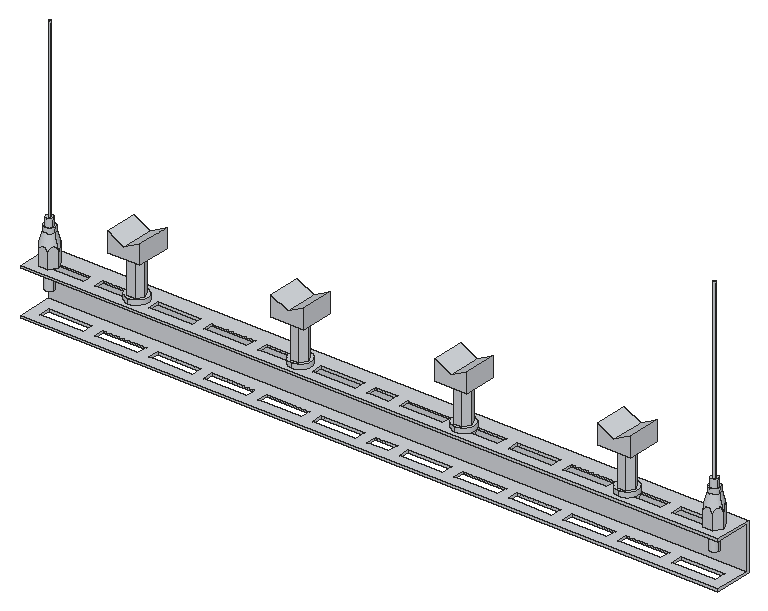
Revit family "Gripple Brackets with Suspensions and Pipe Clamps (Inverted) - Assembly", category Specialty Equipment, Revit 2017
Family settings
  Round Connector Dimension = Use Diameter
  Part Type = Normal
  Work Plane-Based = Yes
  Always vertical = Yes
  Cut with Voids When Loaded = Yes
  Shared = Yes
  Room Calculation Point = No
Parameters (values of type "GUB640")
  Suspensions Required Y/N [instance] = yes
  Suspension End Fixing [instance] = ""
  Schedule Level [instance] = ""
  Schedule Discipline [instance] = ""
  Schedule Area [instance] = ""
  R/H TZ Dist. [instance] = 15 mm
  Pipe Clamp End Datum [instance] = 20 mm
  Pipe Clamp Centres [instance] = 150 mm
  Number of Gripple Pipe Clamps [instance] = 4
  L/H TZ Dist. [instance] = 15 mm
  Go to URL [instance] = "http://www.gripple.co.uk/gb/en/p8/a6/pipe-bracket--quick-twist-system"
  ED [instance] = if(not([Centre Datum (Or End Datum)]), Pipe Clamp End Datum, (Length / 2) - (Number of Gripple Pipe Clamps / 2 - 0.5) * Pipe Clamp Centres)  # 95 mm
  Clamp Single Vis [instance] = Number of Gripple Pipe Clamps = 1  # no
  Clamp Array Vis [instance] = Number of Gripple Pipe Clamps > 1  # yes
  Centre Datum (Or End Datum) [instance] = yes
  Bracket Distance From Soffit [instance] = 200 mm
  Length = 640 mm
  URL = "http://www.gripple.co.uk/gb/en/p8/a6/pipe-bracket--quick-twist-system"
  Model = "GUB640"
  Manufacturer = "Gripple Ltd"
  Default Elevation = 0 mm
  Bracket Length = Gripple Brackets : PB640
  Assembly Code = "GUB640"
  Array Clamps [instance] = if(Number of Gripple Pipe Clamps < 2, 2, Number of Gripple Pipe Clamps)  # 4
  -L = -Length / 2  # -320 mm
  +L = Length / 2  # 320 mm
Types (11, lengths in mm): name | Pipe Clamp End Datum | Number of Gripple Pipe Clamps | ED | Bracket Distance From Soffit | Length | Model | Bracket Length | Assembly Code | Array Clamps | -L | +L
  GUB640 | 20 | 4 | 95 | 200 | 640 | "GUB640" | Gripple Brackets : PB640 | "GUB640" | 4 | -320 | 320
  GUB240 | 0 | 2 | 45 | 250 | 240 | "GUB240" | Gripple Brackets : PB240 | "GUB240" | 2 | -120 | 120
  GUB840 | 0 | 2 | 345 | 200 | 840 | "GUB840" | Gripple Brackets : PB840 | "GUB840" | 2 | -420 | 420
  GUB340 | 0 | 2 | 95 | 250 | 340 | "GUB340" | Gripple Brackets : PB340 | "GUB340" | 2 | -170 | 170
  GUB1240 | 0 | 2 | 545 | 200 | 1240 | "GUB1240" | Gripple Brackets : PB1240 | "GUB1240" | 2 | -620 | 620
  GUB1140 | 0 | 2 | 495 | 200 | 1140 | "GUB1140" | Gripple Brackets : PB1140 | "GUB1140" | 2 | -570 | 570
  GUB1040 | 0 | 2 | 445 | 200 | 1040 | "GUB1040" | Gripple Brackets : PB1040 | "GUB1040" | 2 | -520 | 520
  GUB940 | 0 | 2 | 395 | 200 | 940 | "GUB940" | Gripple Brackets : PB940 | "GUB940" | 2 | -470 | 470
  GUB740 | 0 | 2 | 295 | 200 | 740 | "GUB740" | Gripple Brackets : PB740 | "GUB740" | 2 | -370 | 370
  GUB540 | 0 | 2 | 195 | 250 | 540 | "GUB540" | Gripple Brackets : PB540 | "GUB540" | 2 | -270 | 270
  GUB440 | 0 | 2 | 145 | 250 | 440 | "GUB440" | Gripple Brackets : PB440 | "GUB440" | 2 | -220 | 220
Reference planes
  plane 1 "Center (Front/Back)": y = 0
  plane 2: z = 0
  plane 3 "Center (Left/Right)": x = 0
  plane 4 "Bracket Top": z = -200
  plane 5: x = 320
  plane 6: x = -320
  plane 7: x = 305
  plane 8: x = -305
  plane 9: x = 305
  plane 10 "Bracket Bottom": z = -243
  plane 11 "Bracket Middle": z = -221.5
Lines and regions (mm)
  model lines, detail levels coarse
    curve 1: line (-320, 0, -221.5) -> (320, 0, -221.5)
  model lines, visible <- "Suspensions Required Y/N"
    curve 2: line (-305, 0, 0) -> (-305, 0, -221.5)
    curve 3: line (305, 0, 0) -> (305, 0, -221.5)
Dimensions and locks
  equal spacing: plane 5, plane 3 "Center (Left/Right)", plane 6
  "Length": plane 5 to plane 6
  locked: plane 5 to plane 7 at 15
  plane 3 "Center (Left/Right)" to plane 7 = 305 mm
  "Bracket Distance From Soffit": plane 4 "Bracket Top" to plane 2
  "L/H TZ Dist.": plane 8 to plane 6
  "R/H TZ Dist.": plane 5 to plane 9
  plane 4 "Bracket Top" to plane 10 "Bracket Bottom" = 43 mm
  equal spacing: plane 4 "Bracket Top", plane 11 "Bracket Middle", plane 10 "Bracket Bottom"
  "ED": plane 5 to nested 4
  equal spacing: group 4, group 3, group 2, group 1  (x2)
  equal spacing: group 1, group 2, group 3, group 4
  "Pipe Clamp Centres": nested 4 to nested 6
  "ED": plane 5 to nested 5
  aligned and locked: level to plane 2
  aligned and locked: plane 5 to curve 1
  aligned and locked: plane 6 to curve 1
  aligned and locked: level to curve 2
  aligned and locked: level to curve 3
  aligned and locked: curve 1 to curve 3
  aligned and locked: curve 2 to plane 8
  aligned and locked: curve 3 to plane 9
  aligned and locked: plane 1 "Center (Front/Back)" to nested 1
  aligned and locked: nested 1 to plane 8
  aligned and locked: nested 2 to plane 9
  aligned and locked: plane 1 "Center (Front/Back)" to nested 2
  aligned and locked: plane 1 "Center (Front/Back)" to nested 3
  aligned and locked: plane 3 "Center (Left/Right)" to nested 3
  aligned and locked: nested 4 to plane 4 "Bracket Top"
  aligned and locked: nested 6 to plane 4 "Bracket Top"
Automatic sketch dimensions
  curve 1 to plane 4 "Bracket Top" = 21.5 mm
Nested families
  nested 1: "Gripple Trapeze Plus Kit" at (-305, 0, -200), Bracket Distance From Soffit <- "Bracket Distance From Soffit", visible <- "Suspensions Required Y/N", Schedule Area <- "Schedule Area", Schedule Discipline <- "Schedule Discipline", Schedule Level <- "Schedule Level", Suspension End Fixing <- "Suspension End Fixing", type "MTZ2"
    with total length 259 mm, Suspension End Fixing "", Schedule Level "", Schedule Discipline "", Schedule Area "", Gripple Kit Length (m) 1 mm, Go To URL "http://www.gripple.co.uk/gb/en/p20/a6/trapeze-plus", Bracket Distance From Soffit 200 mm
  nested 2: "Gripple Trapeze Plus Kit" at (305, 0, -200), Bracket Distance From Soffit <- "Bracket Distance From Soffit", visible <- "Suspensions Required Y/N", Schedule Area <- "Schedule Area", Schedule Discipline <- "Schedule Discipline", Schedule Level <- "Schedule Level", Suspension End Fixing <- "Suspension End Fixing", type "MTZ2"
    with total length 259 mm, Suspension End Fixing "", Schedule Level "", Schedule Discipline "", Schedule Area "", Gripple Kit Length (m) 1 mm, Go To URL "http://www.gripple.co.uk/gb/en/p20/a6/trapeze-plus", Bracket Distance From Soffit 200 mm
  nested 3: "Gripple Brackets" at (0, 0, -200), type <- "Bracket Length", Schedule Area <- "Schedule Area", Schedule Discipline <- "Schedule Discipline", Schedule Level <- "Schedule Level", type "PB640"
    with Schedule Level "", Schedule Discipline "", Schedule Area "", Go to URL "http://www.gripple.co.uk/gb/en/p8/a6/pipe-bracket--quick-twist-system"
  nested 4: "Gripple Twist Clamp" at (225, 0, -200) x (1, 0, 0) z (0, 0, -1), visible <- "Clamp Array Vis", type "QT-T"
    with Go To URL "http://www.gripple.co.uk/images/Markets/Building%20Services/Products/Pipe%20Solutions/Pipe%20Bracket%20%26%20Twist%20Clamp%20System/Downloads/BUS-PI-MEP-ENG-TWIST%20CLAMP.pdf"
  nested 5: "Gripple Twist Clamp" at (225, 0, -200) x (1, 0, 0) z (0, 0, -1), visible <- "Clamp Single Vis", type "QT-T"
    with Go To URL "http://www.gripple.co.uk/images/Markets/Building%20Services/Products/Pipe%20Solutions/Pipe%20Bracket%20%26%20Twist%20Clamp%20System/Downloads/BUS-PI-MEP-ENG-TWIST%20CLAMP.pdf"
  nested 6: "Gripple Twist Clamp" at (75, 0, -200) x (1, 0, 0) z (0, 0, -1), visible <- "Clamp Array Vis", type "QT-T"
    with Go To URL "http://www.gripple.co.uk/images/Markets/Building%20Services/Products/Pipe%20Solutions/Pipe%20Bracket%20%26%20Twist%20Clamp%20System/Downloads/BUS-PI-MEP-ENG-TWIST%20CLAMP.pdf"
  nested 7: "Gripple Twist Clamp" at (-75, 0, -200) x (1, 0, 0) z (0, 0, -1), visible <- "Clamp Array Vis", type "QT-T"
    with Go To URL "http://www.gripple.co.uk/images/Markets/Building%20Services/Products/Pipe%20Solutions/Pipe%20Bracket%20%26%20Twist%20Clamp%20System/Downloads/BUS-PI-MEP-ENG-TWIST%20CLAMP.pdf"
  nested 8: "Gripple Twist Clamp" at (-225, 0, -200) x (1, 0, 0) z (0, 0, -1), visible <- "Clamp Array Vis", type "QT-T"
    with Go To URL "http://www.gripple.co.uk/images/Markets/Building%20Services/Products/Pipe%20Solutions/Pipe%20Bracket%20%26%20Twist%20Clamp%20System/Downloads/BUS-PI-MEP-ENG-TWIST%20CLAMP.pdf"
Definition of nested family "Gripple Trapeze Plus Kit"
  Parameters (values of type "MTZ2")
    WD/2 = WD / 2  # 1 mm
    WD = 2 mm
    total length [instance] = UL + Bracket Distance From Soffit  # 159 mm
    UL = 59 mm
    TTD = 6.5 mm
    Suspension End Fixing [instance] = ""
    Schedule Level [instance] = ""
    Schedule Discipline [instance] = ""
    Schedule Area [instance] = ""
    MTL = 20 mm
    MTD = 8 mm
    KNW = 4 mm
    KND = 10 mm
    Hanger SWL (kg) = "45kg"
    HH = 14 mm
    BNT = UL - MTL  # 39 mm
    BH = 28 mm
    Gripple Kit Length (m) [instance] = roundup((Bracket Distance From Soffit + (50 mm / 1)) / 1000 mm / 1) * 1 mm  # 1 mm
    Go To URL [instance] = "http://www.gripple.co.uk/gb/en/p20/a6/trapeze-plus"
    Bracket Distance From Soffit [instance] = 100 mm
    URL = "http://www.gripple.co.uk/gb/en/p20/a6/trapeze-plus"
    Model = "Trapeze Plus No2"
    Manufacturer = "Gripple Ltd"  # constant formula
    Default Elevation = 0 mm
    Assembly Code = "MTZ2"
    AF = 15 mm
    AC = ((2 / 3) * (sqrt(3)) * AF)  # 17.321 mm
  Types (3, lengths in mm): name | WD/2 | WD | total length | UL | TTD | MTD | KND | Hanger SWL (kg) | HH | BNT | BH | Model | Assembly Code | AF | AC
    MTZ3 | 1.5 | 3 | 163 | 63 | 7.5 | 10 | 10 | "90kg" | 15 | 43 | 34 | "Trapeze Plus No3" | "MTZ3" | 17 | 19.63
    MTZ2 | 1 | 2 | 159 | 59 | 6.5 | 8 | 10 | "45kg" | 14 | 39 | 28 | "Trapeze Plus No2" | "MTZ2" | 15 | 17.321
    MTZ4 | 2.4 | 4.8 | 173.5 | 73.5 | 9.5 | 10 | 14 | "225kg" | 18 | 53.5 | 38 | "Trapeze Plus No4" | "MTZ4" | 22 | 25.403
  Reference planes
    plane 1 "Center (Front/Back)": y = 0
    plane 2: z = 0
    plane 3 "Center (Left/Right)": x = 0
    plane 4: x = -4
    plane 5: x = 4
    plane 6 "bottom": z = -20
    plane 7: y = 7.5
    plane 8: y = -7.5
    plane 9 "top of hex": z = 14
    plane 10: z = 28
    plane 11: z = 32
    plane 12: z = 39
    plane 13: x = -5
    plane 14: x = 5
    plane 15: x = -3.25
    plane 16: x = 3.25
    plane 17: x = -8.66
    plane 18: x = 8.66
    plane 19 "Wire Top": z = 100
  Forms (mm)
    Extrusion 1, solid, detail levels medium+fine
      sketch origin (0, 0, -20) x (-1, 0, 0) y (0, -1, 0)
        loop
          line (4.33, -7.5) -> (8.66, 0) -> (4.33, 7.5) -> (-4.33, 7.5) -> (-8.66, 0) -> (-4.33, -7.5) -> (4.33, -7.5)
      from 0 to 59 <- "UL"
    Revolve 2, void, detail levels medium+fine
      sketch origin (0, 0, 0) x (1, 0, 0) y (0, 0, 1)
        loop
          line (-8.66, 14) -> (-5, 28) -> (-5, 32) -> (-3.25, 32) -> (-3.25, 39) -> (-8.66, 39) -> (-8.66, 14)
        axis (0, 39) -> (0, 14)
      angle from 0 to 360
    Revolve 3, void, detail levels medium+fine
      sketch origin (0, 0, 0) x (1, 0, 0) y (0, 0, 1)
        loop
          line (-8.66, 0) -> (-8.66, -20) -> (-4, -20) -> (-4, 0) -> (-8.66, 0)
        axis (0, -20) -> (0, 0)
      angle from 0 to 360
    Revolve 4, solid, detail levels fine
      sketch origin (0, 0, 0) x (1, 0, 0) y (0, 0, 1)
        loop
          line (0, 39) -> (0, 100) -> (-1, 100) -> (-1, 39) -> (0, 39)
        axis (0, 39) -> (0, 100)
      angle from 0 to 360
  Cuts and joins
    Revolve 2, Revolve 3 cuts Extrusion 1
  Lines and regions (mm)
    model lines
      curve 1: line (0, 0, 100) -> (0, 0, -20)
  Dimensions and locks
    equal spacing: plane 4, plane 3 "Center (Left/Right)", plane 5
    "MTD": plane 4 to plane 5
    "MTL": level to plane 6 "bottom"
    equal spacing: plane 7, plane 1 "Center (Front/Back)", plane 8
    "AF": plane 7 to plane 8
    "HH": plane 9 "top of hex" to level
    "BH": plane 10 to level
    "KNW": plane 11 to plane 10
    equal spacing: plane 14, plane 3 "Center (Left/Right)", plane 13
    equal spacing: plane 16, plane 3 "Center (Left/Right)", plane 15
    "TTD": plane 16 to plane 15
    equal spacing: plane 18, plane 3 "Center (Left/Right)", plane 17
    "AC": plane 18 to plane 17
    "UL": plane 12 to plane 6 "bottom"
    "AF": Extrusion 1 sketch curve to Extrusion 1 sketch curve  (x2)
    equal spacing: Extrusion 1 sketch curve, plane 3 "Center (Left/Right)", Extrusion 1 sketch curve
    "Bracket Distance From Soffit": plane 19 "Wire Top" to level
    "WD/2": Revolve 4 sketch curve to Revolve 4 sketch curve
    "KND": plane 14 to plane 13
    aligned and locked: level to plane 2
    aligned and locked: plane 7 to Extrusion 1 sketch curve
    aligned and locked: Extrusion 1 sketch curve to plane 8
    aligned and locked: Revolve 2 sketch curve to plane 12
    aligned and locked: Revolve 2 sketch curve to plane 13
    aligned and locked: plane 11 to Revolve 2 sketch curve
    aligned and locked: Revolve 2 sketch curve to plane 15
    aligned and locked: plane 3 "Center (Left/Right)" to Revolve 4 sketch curve  (x2)
    aligned and locked: plane 19 "Wire Top" to Revolve 4 sketch curve
    aligned and locked: Revolve 4 sketch curve to plane 12
    aligned and locked: level to Revolve 3 sketch curve
    aligned and locked: Revolve 3 sketch curve to plane 4
    aligned and locked: Revolve 3 sketch curve to plane 6 "bottom"
    aligned and locked: Revolve 3 sketch curve to plane 17
    aligned and locked: Revolve 2 sketch curve to Revolve 2 sketch curve
    aligned and locked: plane 17 to Revolve 2 sketch curve
    aligned and locked: plane 19 "Wire Top" to curve 1
    aligned and locked: curve 1 to plane 3 "Center (Left/Right)"
    aligned and locked: plane 6 "bottom" to curve 1
  Automatic sketch dimensions
    plane 1 "Center (Front/Back)" to Extrusion 1 sketch curve = 0 mm  (x2)
    Extrusion 1 sketch curve to plane 18 = 0 mm
    Revolve 3 sketch curve to plane 3 "Center (Left/Right)" = 0 mm
    Revolve 3 sketch curve to plane 6 "bottom" = 0 mm
    Revolve 3 sketch curve to plane 12 = 0 mm
    Revolve 2 sketch curve to plane 3 "Center (Left/Right)" = 0 mm
    Revolve 2 sketch curve to plane 6 "bottom" = 0 mm
    Revolve 2 sketch curve to plane 9 "top of hex" = 0 mm
    Revolve 2 sketch curve to plane 10 = 0 mm
    Revolve 4 sketch curve to plane 9 "top of hex" = 1.372 mm
    Revolve 4 sketch curve to Revolve 4 sketch curve = 10.737 mm
Definition of nested family "Gripple Brackets"
  Parameters (values of type "PB640")
    Schedule Level [instance] = ""
    Schedule Discipline [instance] = ""
    Schedule Area [instance] = ""
    Go to URL [instance] = "http://www.gripple.co.uk/gb/en/p8/a6/pipe-bracket--quick-twist-system"
    Length = 640 mm
    URL = "http://www.gripple.co.uk/gb/en/p8/a6/pipe-bracket--quick-twist-system"
    Model = "PB640"
    Manufacturer = "Gripple Ltd"
    Default Elevation = 1219.2 mm
    Assembly Code = "PB640"
    -L = -Length / 2  # -320 mm
    +L = Length / 2  # 320 mm
    #slots = 6
  Types (11, lengths in mm): name | Length | Model | Assembly Code | -L | +L | #slots
    PB240 | 240 | "PB240" | "PB240" | -120 | 120 | 2
    PB340 | 340 | "PB340" | "PB340" | -170 | 170 | 3
    PB440 | 440 | "PB440" | "PB440" | -220 | 220 | 4
    PB540 | 540 | "PB540" | "PB540" | -270 | 270 | 5
    PB640 | 640 | "PB640" | "PB640" | -320 | 320 | 6
    PB740 | 740 | "PB740" | "PB740" | -370 | 370 | 7
    PB840 | 840 | "PB840" | "PB840" | -420 | 420 | 8
    PB940 | 940 | "PB940" | "PB940" | -470 | 470 | 9
    PB1040 | 1040 | "PB1040" | "PB1040" | -520 | 520 | 10
    PB1140 | 1140 | "PB1140" | "PB1140" | -570 | 570 | 11
    PB1240 | 1240 | "PB1240" | "PB1240" | -620 | 620 | 12
  Reference planes
    plane 1 "Center (Front/Back)": y = 0
    plane 2: z = 0
    plane 3 "Center (Left/Right)": x = 0
    plane 4: z = 0
    plane 5: z = -43
    plane 6: x = 320
    plane 7: x = -320
    plane 8: z = -2
    plane 9: z = -41
    plane 10: y = 20
    plane 11: y = -15
    plane 12: y = 18
    plane 13: x = 60
    plane 14: x = 20
    plane 15: x = -20
    plane 16: x = -60
    plane 17: y = 5
    plane 18: y = -5
    plane 19: x = -20
    plane 20: x = -10
    plane 21: x = 10
    plane 22: x = -10
    plane 23: x = 10
    plane 24: z = -21.5
  Forms (mm)
    Extrusion 1, solid, detail levels medium+fine
      sketch origin (0, 0, 0) x (0, 1, 0) y (0, 0, 1)
        loop
          line (20, 0) -> (-15, 0) -> (-15, -2) -> (18, -2) -> (18, -41) -> (-15, -41) -> (-15, -43) -> (20, -43) -> (20, 0)
      from 320 <- "+L" to -320 <- "-L"
    Extrusion 2, void
      sketch origin (0, 0, 0) x (1, 0, 0) y (0, 1, 0)
        loop
          line (-60, 5) -> (-60, -5) -> (-20, -5) -> (-20, 5) -> (-60, 5)
      from 0 to -43
    Extrusion 3, void
      sketch origin (30, 0, 0) x (1, 0, 0) y (0, 1, 0)
        loop
          line (-40, 5) -> (-40, -5) -> (-20, -5) -> (-20, 5) -> (-40, 5)
      from 0 to -43
    Extrusion 4, void
      sketch origin (60, 0, 0) x (1, 0, 0) y (0, 1, 0)
        loop
          line (-40, 5) -> (-40, -5) -> (0, -5) -> (0, 5) -> (-40, 5)
      from 0 to -43
    Extrusion 5, void
      sketch origin (-50, 0, 0) x (1, 0, 0) y (0, 1, 0)
        loop
          line (-60, 5) -> (-60, -5) -> (-20, -5) -> (-20, 5) -> (-60, 5)
      from 0 to -43
    Extrusion 6, void
      sketch origin (110, 0, 0) x (1, 0, 0) y (0, 1, 0)
        loop
          line (-40, 5) -> (-40, -5) -> (0, -5) -> (0, 5) -> (-40, 5)
      from 0 to -43
    Extrusion 7, void
      sketch origin (-100, 0, 0) x (1, 0, 0) y (0, 1, 0)
        loop
          line (-60, 5) -> (-60, -5) -> (-20, -5) -> (-20, 5) -> (-60, 5)
      from 0 to -43
    Extrusion 8, void
      sketch origin (-150, 0, 0) x (1, 0, 0) y (0, 1, 0)
        loop
          line (-60, 5) -> (-60, -5) -> (-20, -5) -> (-20, 5) -> (-60, 5)
      from 0 to -43
    Extrusion 9, void
      sketch origin (160, 0, 0) x (1, 0, 0) y (0, 1, 0)
        loop
          line (-40, 5) -> (-40, -5) -> (0, -5) -> (0, 5) -> (-40, 5)
      from 0 to -43
    Extrusion 10, void
      sketch origin (210, 0, 0) x (1, 0, 0) y (0, 1, 0)
        loop
          line (-40, 5) -> (-40, -5) -> (0, -5) -> (0, 5) -> (-40, 5)
      from 0 to -43
    Extrusion 11, void
      sketch origin (-200, 0, 0) x (1, 0, 0) y (0, 1, 0)
        loop
          line (-60, 5) -> (-60, -5) -> (-20, -5) -> (-20, 5) -> (-60, 5)
      from 0 to -43
    Extrusion 12, void
      sketch origin (-250, 0, 0) x (1, 0, 0) y (0, 1, 0)
        loop
          line (-60, 5) -> (-60, -5) -> (-20, -5) -> (-20, 5) -> (-60, 5)
      from 0 to -43
    Extrusion 13, void
      sketch origin (260, 0, 0) x (1, 0, 0) y (0, 1, 0)
        loop
          line (-40, 5) -> (-40, -5) -> (0, -5) -> (0, 5) -> (-40, 5)
      from 0 to -43
    Extrusion 14, void
      sketch origin (310, 0, 0) x (1, 0, 0) y (0, 1, 0)
        loop
          line (-40, 5) -> (-40, -5) -> (0, -5) -> (0, 5) -> (-40, 5)
      from 0 to -43
  Cuts and joins
    Extrusion 2, Extrusion 3, Extrusion 4, Extrusion 5, Extrusion 6, Extrusion 7, Extrusion 8, Extrusion 9, Extrusion 10, Extrusion 11, Extrusion 12, Extrusion 13, Extrusion 14 cuts Extrusion 1
  Lines and regions (mm)
    model lines, detail levels coarse
      curve 1: line (-320, 0, -21.5) -> (320, 0, -21.5)
  Dimensions and locks
    equal spacing: plane 6, plane 3 "Center (Left/Right)", plane 7
    locked: plane 4 to plane 5 at 43
    "Length": plane 6 to plane 7
    locked: plane 9 to plane 5 at 2
    locked: plane 4 to plane 8 at 2
    locked: plane 10 to plane 1 "Center (Front/Back)" at 20
    locked: plane 10 to plane 11 at 35
    locked: plane 10 to plane 12 at 2
    equal spacing: plane 16, plane 3 "Center (Left/Right)", plane 13
    equal spacing: plane 15, plane 3 "Center (Left/Right)", plane 14
    locked: plane 3 "Center (Left/Right)" to plane 14 at 20
    equal spacing: plane 18, plane 1 "Center (Front/Back)", plane 17
    locked: plane 1 "Center (Front/Back)" to plane 17 at 5
    equal spacing: plane 21, plane 3 "Center (Left/Right)", plane 20
    locked: plane 21 to plane 20 at 20
    equal spacing: plane 23, plane 3 "Center (Left/Right)", plane 22
    locked: plane 23 to plane 22 at 20
    plane 1 "Center (Front/Back)" to Extrusion 1 = 15 mm
    equal spacing: plane 4, plane 24, plane 5
    locked: plane 14 to plane 13 at 40
    equal spacing: group 10, group 9, group 6, group 5, group 2, group 1
    equal spacing: group 1, group 2, group 5, group 6, group 9, group 10  (x2)
    equal spacing: group 3, group 4, group 7, group 8, group 11, group 12  (x3)
    locked: plane 16 to plane 19 at 40
    aligned and locked: level to plane 2
    aligned and locked: Extrusion 1 sketch curve to plane 10
    aligned and locked: Extrusion 1 sketch curve to plane 4
    aligned and locked: plane 11 to Extrusion 1 sketch curve  (x2)
    aligned and locked: Extrusion 1 sketch curve to plane 9
    aligned and locked: Extrusion 1 sketch curve to plane 5
    aligned and locked: plane 12 to Extrusion 1 sketch curve
    aligned and locked: Extrusion 1 sketch curve to plane 8
    aligned and locked: plane 6 to curve 1
    aligned and locked: plane 7 to curve 1
    aligned and locked: plane 24 to curve 1
    aligned and locked: level to plane 4
    aligned and locked: level to Extrusion 2
    aligned and locked: plane 5 to Extrusion 2
    aligned and locked: Extrusion 3 to plane 20
    aligned and locked: Extrusion 3 to plane 21
    aligned and locked: plane 14 to Extrusion 4
    aligned and locked: Extrusion 4 to plane 13
    aligned and locked: level to Extrusion 4
    aligned and locked: plane 5 to Extrusion 4
    aligned and locked: level to Extrusion 3
    aligned and locked: plane 5 to Extrusion 3
    aligned and locked: Extrusion 1 to Extrusion 2
    aligned and locked: plane 16 to Extrusion 2
    aligned and locked: Extrusion 2 to plane 15
  Automatic sketch dimensions
    Extrusion 2 sketch curve to Extrusion 2 sketch curve = 40 mm
    Extrusion 2 sketch curve to Extrusion 2 sketch curve = 10 mm
    Extrusion 3 sketch curve to plane 18 = 0 mm
    Extrusion 3 sketch curve to plane 20 = 0 mm
    Extrusion 3 sketch curve to plane 21 = 0 mm
    plane 17 to Extrusion 3 sketch curve = 0 mm
    Extrusion 4 sketch curve to Extrusion 4 sketch curve = 40 mm
    Extrusion 5 sketch curve to Extrusion 5 sketch curve = 40 mm
    Extrusion 5 sketch curve to Extrusion 5 sketch curve = 10 mm
    Extrusion 4 sketch curve to Extrusion 4 sketch curve = 10 mm
    Extrusion 6 sketch curve to Extrusion 6 sketch curve = 40 mm
    Extrusion 6 sketch curve to Extrusion 6 sketch curve = 10 mm
    Extrusion 7 sketch curve to Extrusion 7 sketch curve = 40 mm
    Extrusion 7 sketch curve to Extrusion 7 sketch curve = 10 mm
    Extrusion 8 sketch curve to Extrusion 8 sketch curve = 40 mm
    Extrusion 8 sketch curve to Extrusion 8 sketch curve = 10 mm
    Extrusion 9 sketch curve to Extrusion 9 sketch curve = 40 mm
    Extrusion 9 sketch curve to Extrusion 9 sketch curve = 10 mm
    Extrusion 10 sketch curve to Extrusion 10 sketch curve = 40 mm
    Extrusion 10 sketch curve to Extrusion 10 sketch curve = 10 mm
    Extrusion 11 sketch curve to Extrusion 11 sketch curve = 40 mm
    Extrusion 11 sketch curve to Extrusion 11 sketch curve = 10 mm
    Extrusion 12 sketch curve to Extrusion 12 sketch curve = 40 mm
    Extrusion 12 sketch curve to Extrusion 12 sketch curve = 10 mm
    Extrusion 13 sketch curve to Extrusion 13 sketch curve = 40 mm
    Extrusion 13 sketch curve to Extrusion 13 sketch curve = 10 mm
    Extrusion 14 sketch curve to Extrusion 14 sketch curve = 40 mm
    Extrusion 14 sketch curve to Extrusion 14 sketch curve = 10 mm
Definition of nested family "Gripple Twist Clamp"
  Parameters (values of type "QT-T")
    WD = 2 mm  # constant formula
    W/2 = W / 2  # 15 mm
    W = 30 mm  # constant formula
    HW = 10 mm  # constant formula
    HL = 20 mm  # constant formula
    CAF = 13 mm  # constant formula
    CD = 20 mm  # constant formula
    URL = "http://www.gripple.co.uk/images/Markets/Building%20Services/Products/Pipe%20Solutions/Pipe%20Bracket%20%26%20Twist%20Clamp%20System/Downloads/BUS-PI-MEP-ENG-TWIST%20CLAMP.pdf"
    T = 2 mm  # constant formula
    Model = "Quarter Turn Clamp - Standard"
    Manufacturer = "Gripple Ltd"
    Keynote = ""
    H = 35 mm
    Go To URL [instance] = "http://www.gripple.co.uk/images/Markets/Building%20Services/Products/Pipe%20Solutions/Pipe%20Bracket%20%26%20Twist%20Clamp%20System/Downloads/BUS-PI-MEP-ENG-TWIST%20CLAMP.pdf"
    Default Elevation = 0 mm
    Cost = 0
    C = 4 mm  # constant formula
    B = 10 mm  # constant formula
    Assembly Code = "QT-T"
    A = 7 mm  # constant formula
    -width/2 = -W / 2  # -15 mm
  Types (2, lengths in mm): name | Model | H | Assembly Code
    QT-T | "Quarter Turn Clamp - Standard" | 35 | "QT-T"
    QT-C | "Quarter Turn Clamp - Compact" | 1 | "QT-C"
  Reference planes
    plane 1 "Center (Front/Back)": y = 0
    plane 2: z = 0
    plane 3 "Center (Left/Right)": x = 0
    plane 4: y = 15
    plane 5: y = -15
    plane 6: x = -15
    plane 7: x = 15
    plane 8: z = 2
    plane 9: z = 7
    plane 10: z = -4
    plane 11 "b1": z = -39
    plane 12: z = -49
    plane 13: z = -57.022
    plane 14 "hw1": x = -5
    plane 15 "hw2": x = 5
    plane 16 "c1": y = 6.5
    plane 17 "c2": y = -6.5
    plane 18: y = 10
    plane 19: y = -10
    plane 20 "hl2": y = -10
    plane 21 "hl1": y = 10
  Forms (mm)
    Extrusion 1, solid
      sketch origin (0, 0, 0) x (1, 0, 0) y (0, 0, 1)
        loop
          line (-15, -39) -> (-15, -57.022) -> (0, -49) -> (15, -57.022) -> (15, -39) -> (-15, -39)
      from -15 <- "-width/2" to 15 <- "W/2"
    Revolve 2, solid
      sketch origin (0, 0, 0) x (0, 1, 0) y (0, 0, 1)
        loop
          line (0, 0) -> (0, -4) -> (10, -4) -> (10, 0) -> (0, 0)
        axis (0, 0) -> (0, -4)
      angle from 0 to 360
    Extrusion 3, solid
      sketch origin (0, 0, 0) x (1, 0, 0) y (0, 1, 0)
        loop
          line (-5, 5) -> (-5, -5) -> (5, -5) -> (5, 5) -> (-5, 5)
      from 0 to 2 <- "T"
    Extrusion 4, solid
      sketch origin (0, 0, 0) x (0, 1, 0) y (0, 0, 1)
        loop
          line (10, 2) -> (6.5, 7) -> (-6.5, 7) -> (-10, 2) -> (10, 2)
      from -5 to 5
    Extrusion 5, solid
      sketch origin (0, 0, -39) x (0, -1, 0) y (1, 0, 0)
        loop
          line (-6.5, 3.753) -> (-6.5, -3.753) -> (0, -7.506) -> (6.5, -3.753) -> (6.5, 3.753) -> (0, 7.506) -> (-6.5, 3.753)
      from 0 to 35 <- "H"
  Dimensions and locks
    equal spacing: plane 7, plane 3 "Center (Left/Right)", plane 6
    "A": plane 9 to level
    "T": plane 8 to level
    "C": level to plane 10
    "H": plane 10 to plane 11 "b1"
    "B": plane 11 "b1" to plane 12
    equal spacing: plane 15 "hw2", plane 3 "Center (Left/Right)", plane 14 "hw1"
    "HW": plane 15 "hw2" to plane 14 "hw1"
    "W": plane 7 to plane 6
    equal spacing: plane 4, plane 1 "Center (Front/Back)", plane 5
    "W": plane 4 to plane 5
    equal spacing: plane 16 "c1", plane 1 "Center (Front/Back)", plane 17 "c2"
    "CAF": plane 16 "c1" to plane 17 "c2"
    equal spacing: plane 18, plane 1 "Center (Front/Back)", plane 19
    "CD": plane 18 to plane 19
    "HL": plane 21 "hl1" to plane 20 "hl2"
    equal spacing: plane 21 "hl1", plane 1 "Center (Front/Back)", plane 20 "hl2"
    equal spacing: Extrusion 3 sketch curve, plane 1 "Center (Front/Back)", Extrusion 3 sketch curve
    "HW": Extrusion 3 sketch curve to Extrusion 3 sketch curve
    "CAF": Extrusion 5 sketch curve to Extrusion 5 sketch curve  (x2)
    locked: plane 11 "b1" to plane 13 at 18.022
    aligned and locked: level to plane 2
    aligned and locked: plane 11 "b1" to Extrusion 1 sketch curve
    aligned and locked: plane 7 to Extrusion 1 sketch curve
    aligned and locked: plane 6 to Extrusion 1 sketch curve
    aligned and locked: plane 1 "Center (Front/Back)" to Revolve 2 sketch curve  (x2)
    aligned and locked: Revolve 2 sketch curve to plane 10
    aligned and locked: Revolve 2 sketch curve to plane 18
    aligned and locked: level to Revolve 2 sketch curve
    aligned and locked: plane 9 to Revolve 2 sketch curve
    aligned and locked: plane 14 "hw1" to Extrusion 3 sketch curve
    aligned and locked: plane 15 "hw2" to Extrusion 3 sketch curve
    aligned and locked: plane 8 to Extrusion 4 sketch curve
    aligned and locked: plane 9 to Extrusion 4 sketch curve
    aligned and locked: plane 16 "c1" to Extrusion 5 sketch curve
    aligned and locked: plane 17 "c2" to Extrusion 5 sketch curve
  Automatic sketch dimensions
    Extrusion 1 sketch curve to plane 3 "Center (Left/Right)" = 0 mm
    Extrusion 1 sketch curve to plane 13 = 0 mm  (x2)
    Extrusion 1 sketch curve to plane 12 = 0 mm
    plane 13 to Revolve 2 sketch curve = 0 mm
    Extrusion 4 sketch curve to plane 19 = 0 mm
    Extrusion 4 sketch curve to plane 17 "c2" = 0 mm
    Extrusion 4 sketch curve to plane 16 "c1" = 0 mm
    Extrusion 4 sketch curve to plane 18 = 0 mm
    plane 1 "Center (Front/Back)" to Extrusion 5 sketch curve = 0 mm  (x2)
    Extrusion 5 sketch curve to plane 14 "hw1" = 2.506 mm
    plane 14 "hw1" to Extrusion 5 sketch curve = 1.247 mm
